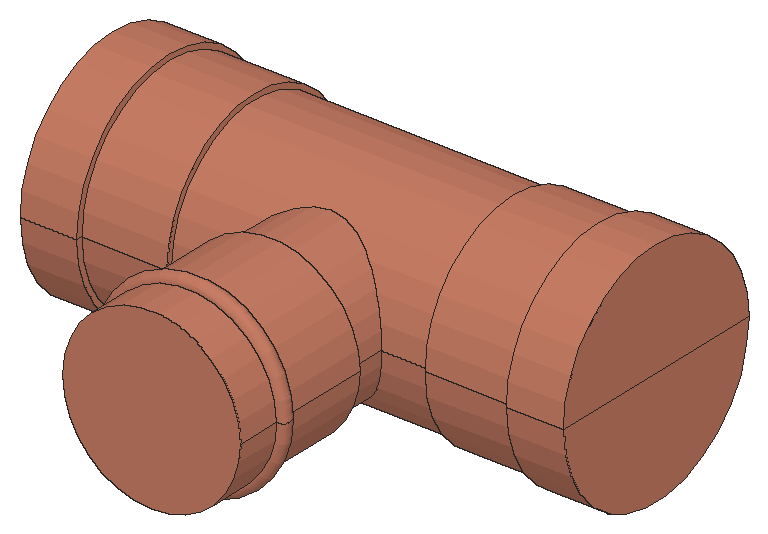
Revit family "ReducingTee-B-PressXL-Water-Gas-Conex-65-100mm", category Pipe Fittings, Revit 2019
Family settings
  Round Connector Dimension = Use Diameter
  Part Type = Tee
  OmniClass Number = 23.60.30.11.14
  OmniClass Title = Pipework Fittings
  Work Plane-Based = No
  Always vertical = Yes
  Cut with Voids When Loaded = No
  Shared = No
Parameters (values of type "Gas")
  Z2 [instance] = size_lookup(Lookup Table Name, "Z2", RunDiameter * 1.1, RunDiameter, BranchDiameter, WorkingFluidSelector_Validation)  # 40 mm
  Z1 [instance] = size_lookup(Lookup Table Name, "Z1", RunDiameter * 1.1, RunDiameter, BranchDiameter, WorkingFluidSelector_Validation)  # 40 mm
  WorkingFluidSelector_Validation [instance] = 1
  WorkingFluidSelector [instance] = WorkingFluidSelector_Validation  # 1
  WorkingFluid [instance] = if(WorkingFluidSelector = 1, "Gas", if(WorkingFluidSelector = 2, "Water", "WorkingFluid NA"))  # "Gas"
  Uniformat IIElements = "TBC"
  URL = "http://www.conexbanninger.com.au/products/b-press-fittings#t=b-press-xl"
  Type Comments = "TBC"
  SerialNumber [instance] = ""
  SealRingLength_Run [instance] = (L1 - Z1) * 0.4  # 17.6 mm
  RingThickness [instance] = if(RunDiameter > 50 mm, 5 mm, 2.5 mm)  # 5 mm
  RingAlignment [instance] = FittingOutsideDiameter_Branch / 2  # 27.5 mm
  ProductCode [instance] = if(and(RunDiameter = 65 mm, BranchDiameter = 50 mm, WorkingFluidSelector = 1), "404876", if(and(RunDiameter = 80 mm, BranchDiameter = 50 mm, WorkingFluidSelector = 1), "404877", if(and(RunDiameter = 80 mm, BranchDiameter = 65 mm, WorkingFluidSelector = 1), "404878", if(and(RunDiameter = 100 mm, BranchDiameter = 50 mm, WorkingFluidSelector = 1), "404879", if(and(RunDiameter = 100 mm, BranchDiameter = 65 mm, WorkingFluidSelector = 1), "404880", if(and(RunDiameter = 100 mm, BranchDiameter = 80 mm, WorkingFluidSelector = 1), "404881", if(and(RunDiameter = 65 mm, BranchDiameter = 50 mm, WorkingFluidSelector = 2), "404802", if(and(RunDiameter = 80 mm, BranchDiameter = 50 mm, WorkingFluidSelector = 2), "404803", if(and(RunDiameter = 80 mm, BranchDiameter = 65 mm, WorkingFluidSelector = 2), "404804", if(and(RunDiameter = 100 mm, BranchDiameter = 50 mm, WorkingFluidSelector = 2), "404805", if(and(RunDiameter = 100 mm, BranchDiameter = 65 mm, WorkingFluidSelector = 2), "404806", if(and(RunDiameter = 100 mm, BranchDiameter = 80 mm, WorkingFluidSelector = 2), "404807", "ProductCode NA"))))))))))))  # "404876"
  OmniclassProducts = "TBC"
  NATSPECWorkSection = "TBC"
  Model Version = "2015"
  Model Status [instance] = ""
  Model Specification = "BMA"
  Mark [instance] = ""
  Loss Method = Not Defined
  L1 [instance] = size_lookup(Lookup Table Name, "L1", RunDiameter * 2, RunDiameter, BranchDiameter, WorkingFluidSelector_Validation)  # 84 mm
  K Coefficient Table = "Converging/Diverging Tee/Wye"
  FinalHHWFlow [instance] = 0.0 L/s
  ConnectorTolerance [instance] = 2.00°
  BranchOuterDiameter [instance] = BranchDiameter * 1.1  # 55 mm
  BranchDiameter [instance] = 50 mm
  RunDiameter [instance] = 65 mm
  ModifiedIssue_ANZRS = 20161222.54  # constant formula
  Model = "ReducingTee"  # constant formula
  Material = Copper
  Manufacturer = "Conex | Bänninger"  # constant formula
  Lookup Table Name = "ReducingTee-B-PressXL-Water-Gas-Conex-65-100mm"
  RingLength_Branch [instance] = SocketDepth_Branch * 0.3  # 13.8 mm
  SocketDepth_Branch [instance] = L3 - Z3  # 46 mm
  L3 [instance] = size_lookup(Lookup Table Name, "L3", RunDiameter * 2, RunDiameter, BranchDiameter, WorkingFluidSelector_Validation)  # 90 mm
  built-in parameter 1114238 [instance] = not(0 mm < size_lookup(Lookup Table Name, "L1", 0 mm, RunDiameter, BranchDiameter, WorkingFluidSelector_Validation))  # (empty or 0)
  FittingOutsideDiameter_Branch [instance] = BranchDiameter * 1.1  # 55 mm
  FittingOutsideDiameter_Run [instance] = RunDiameter * 1.1  # 71.5 mm
  Description = ">B< Press XL has only two internal parts, the grip ring and the seal. Both parts have an internal diameter larger than the tube, which allows for easy tube insertion and pre press leak indication."  # constant formula
  CustomFitting [instance] = not(0 mm < size_lookup(Lookup Table Name, "L1", 0 mm, RunDiameter, BranchDiameter, WorkingFluidSelector_Validation))  # no
  CreatedByURL_ANZRS = "http://www.bimmepaus.com.au/"
  CreatedBy = "A2K Technologies"  # constant formula
  Assembly Code = "D2090800"
  ConnectorAngle [instance] = 90.00°
  Z3 [instance] = size_lookup(Lookup Table Name, "Z3", RunDiameter * 1.1, RunDiameter, BranchDiameter, WorkingFluidSelector_Validation)  # 44 mm
  Angle [instance] = if(and(ConnectorAngle < 90.00° + ConnectorTolerance, ConnectorAngle > 90.00° - ConnectorTolerance), 90.00°, ConnectorAngle)  # 90.00°
Types (3, lengths in mm): name | WorkingFluidSelector_Validation | WorkingFluidSelector | WorkingFluid | ProductCode
  (no name) | 1 | 1 | "Gas" | "404876"
  Gas | 1 | 1 | "Gas" | "404876"
  Water | 2 | 2 | "Water" | "404802"
Reference planes
  plane 1 "Center (Front/Back)": y = 0
  plane 2: z = 0
  plane 3 "Center (Left/Right)": x = 0
  plane 4: x = -84
  plane 5: x = 84
  plane 6: y = -32.5
  plane 7: y = 32.5
  plane 8: x = 0
  plane 9: y = 35.75
  plane 10: y = -35.75
  plane 11: x = -40
  plane 12: x = 40
Forms (mm)
  Sweep 1, solid, material "Copper" <- "Material", detail levels fine
    path origin (0, 0, 0) x (1, 0, 0) y (0, 1, 0)
      loop
        line (-40, 0) -> (40, 0)
    profile origin (0, 0, 0) x (0, 1, 0) y (0, 0, 1)
      loop
        circle (0, 0) r 32.5
  Revolve 2, solid, material "Copper" <- "Material", detail levels fine
    sketch origin (0, 0, 0) x (1, 0, 0) y (0, 1, 0)
      loop
        line (-84, 0) -> (-40, 0) -> (-40, 34.125) -> (-66.4, 34.125) -> (-66.4, 35.75) -> (-84, 35.75) -> (-84, 0)
      axis (-84, 0) -> (-40, 0)
    angle from 0 to 360
  Revolve 3, solid, material "Copper" <- "Material", detail levels fine
    sketch origin (0, 0, 0) x (-1, 0, 0) y (0, 1, 0)
      loop
        line (-84, 0) -> (-40, 0) -> (-40, 34.125) -> (-66.4, 34.125) -> (-66.4, 35.75) -> (-84, 35.75) -> (-84, 0)
      axis (-84, 0) -> (-40, 0)
    angle from 0 to 360
  Sweep 4, solid, material "Copper" <- "Material", detail levels fine
    path origin (0, 0, 0) x (1, 0, 0) y (0, 1, 0)
      loop
        line (0, 0) -> (0, -44)
    profile origin (0, -22, 0) x (1, 0, 0) y (0, 0, 1)
      loop
        circle (0, 0) r 25
  Sweep 5, solid, material "Copper" <- "Material", detail levels fine
    path origin (0, 0, 0) x (1, 0, 0) y (0, 1, 0)
      loop
        line (0, -44) -> (0, -76.2)
    profile origin (0, -60.1, 0) x (1, 0, 0) y (0, 0, 1)
      loop
        circle (0, 0) r 27.5
  Sweep 6, solid, material "Copper" <- "Material", detail levels fine
    path origin (0, 0, 0) x (1, 0, 0) y (0, 1, 0)
      loop
        line (0, -90) -> (0, -76.2)
    profile origin (0, -83.1, 0) x (-1, 0, 0) y (0, 0, 1)
      loop
        circle (0, 0) r 27.5
  Revolve 7, solid, material "Copper" <- "Material", detail levels fine
    sketch origin (0, 0, 0) x (1, 0, 0) y (0, 1, 0)
      loop
        line (0, -71.2) -> (-27.5, -71.2)
        arc (-27.5, -71.2) -> (-30, -73.7) -> (-27.5, -76.2) r 2.5
        line (-27.5, -76.2) -> (0, -76.2) -> (0, -71.2)
      axis (0, -76.2) -> (0, -71.2)
    angle from 0 to 360
Cuts and joins
  joined: Sweep 1, Revolve 2, Revolve 3
  joined: Sweep 5, Sweep 6, Revolve 7
Lines and regions (mm)
  reference lines
    curve 1: line (0, 0, 0) -> (0, -90, 0)
    curve 13: line (-15.321, -90, 0) -> (15.321, -90, 0)
  model lines, detail levels coarse+medium
    curve 2: line (-40, 0, 0) -> (40, 0, 0)
    curve 3: line (40, 32.5, 0) -> (84, 32.5, 0)
    curve 4: line (40, -32.5, 0) -> (40, 32.5, 0)
    curve 5: line (84, -32.5, 0) -> (40, -32.5, 0)
    curve 6: line (-84, 32.5, 0) -> (-40, 32.5, 0)
    curve 7: line (-40, -32.5, 0) -> (-84, -32.5, 0)
    curve 8: line (-40, 32.5, 0) -> (-40, -32.5, 0)
    curve 9: line (0, 0, 0) -> (0, -44, 0)
    curve 10: line (-25, -44, 0) -> (25, -44, 0)
    curve 11: line (-25, -44, 0) -> (-25, -90, 0)
    curve 12: line (25, -44, 0) -> (25, -90, 0)
Dimensions and locks
  equal spacing: plane 4, plane 3 "Center (Left/Right)", plane 5
  equal spacing: plane 6, plane 1 "Center (Front/Back)", plane 7
  "RunDiameter": plane 6 to plane 7
  "L3": curve 1 to curve 13
  locked: plane 1 "Center (Front/Back)" to curve 1 at 0
  locked: curve 1 to plane 8 at 0
  "Z3": curve 10 to curve 9
  "SocketDepth_Branch": curve 11 to curve 11
  "SocketDepth_Branch": curve 12 to curve 12
  equal spacing: curve 11, curve 1, curve 12
  "BranchDiameter": curve 11 to curve 12
  equal spacing: curve 13, curve 1, curve 13, locked at 15.321 each
  "SocketDepth_Branch": curve 13 to curve 10
  "SocketDepth_Branch": curve 13 to Sweep 4 sketch curve
  "RingLength_Branch": curve 13 to Sweep 5 sketch curve
  equal spacing: plane 4, plane 8, plane 5
  "Z1": plane 11 to plane 8
  "Z2": plane 8 to plane 12
  "FittingOutsideDiameter_Run": plane 10 to plane 9
  equal spacing: plane 10, plane 1 "Center (Front/Back)", plane 9
  equal spacing: plane 7, Revolve 2 sketch curve, plane 9
  "SealRingLength_Run": plane 4 to Revolve 2 sketch curve
  equal spacing: plane 7, Revolve 3 sketch curve, plane 9
  "SealRingLength_Run": Revolve 3 sketch curve to plane 5
  "L1": plane 4 to plane 8
  "RingLength_Branch": curve 13 to Revolve 7 sketch curve
  "RingThickness": Revolve 7 sketch curve to Revolve 7 sketch curve
  "RingAlignment": Revolve 7 sketch curve to plane 8
  "RunDiameter": diameter of Sweep 1 sketch curve
  "BranchDiameter": diameter of Sweep 4 sketch curve
  "BranchOuterDiameter": diameter of Sweep 5 sketch curve
  "FittingOutsideDiameter_Branch": diameter of Sweep 6 sketch curve
  "RingThickness": diameter of Revolve 7 sketch curve
  "ConnectorAngle": angle curve 10 to plane 8
  locked: curve 1 to curve 13 (angle 90.00°)
  aligned and locked: level to plane 2
  aligned and locked: plane 1 "Center (Front/Back)" to Sweep 1 sketch curve
  aligned and locked: plane 9 to Revolve 2 sketch curve
  aligned and locked: plane 4 to Revolve 2 sketch curve
  aligned and locked: plane 11 to Revolve 2 sketch curve
  aligned and locked: Revolve 3 sketch curve to plane 9
  aligned and locked: plane 12 to Sweep 1 sketch curve
  aligned and locked: Sweep 4 sketch curve to curve 1
  aligned and locked: Revolve 3 sketch curve to plane 1 "Center (Front/Back)"  (x2)
  aligned and locked: plane 1 "Center (Front/Back)" to Revolve 2 sketch curve  (x2)
  aligned and locked: curve 8 to plane 11
  aligned and locked: curve 10 to Sweep 5 sketch curve
  aligned and locked: curve 1 to Sweep 5 sketch curve
  aligned and locked: Sweep 6 sketch curve to curve 1
  aligned and locked: curve 13 to Sweep 6 sketch curve
  aligned and locked: Sweep 5 to Sweep 6 sketch curve
  aligned and locked: curve 9 to plane 8
  aligned and locked: cut or joined group of Sweep 1, Revolve 2, Revolve 3 to plane 11
  aligned and locked: plane 11 to Sweep 1 sketch curve
  aligned and locked: plane 12 to Revolve 3 sketch curve
  aligned and locked: plane 5 to Revolve 3 sketch curve
  aligned and locked: plane 8 to Sweep 5 sketch curve
  aligned and locked: level to Sweep 5 sketch curve
  aligned and locked: plane 8 to Sweep 6 sketch curve
  aligned and locked: level to Sweep 6 sketch curve
  aligned and locked: plane 8 to Revolve 7 sketch curve
  aligned and locked: plane 3 "Center (Left/Right)" to Revolve 7 sketch curve
Automatic sketch dimensions
  Sweep 1 sketch curve to level = 0 mm
  Sweep 1 sketch curve to profile plane = 0 mm
  Revolve 2 sketch curve to plane 4 = 0 mm
  Revolve 2 sketch curve to plane 11 = 0 mm
  Revolve 3 sketch curve to plane 5 = 0 mm
  Revolve 3 sketch curve to plane 12 = 0 mm
  plane 1 "Center (Front/Back)" to Sweep 4 sketch curve = 0 mm
  Sweep 4 sketch curve to level = 0 mm
  profile plane to Sweep 4 sketch curve = 0 mm
  Revolve 7 sketch curve to Revolve 7 sketch curve = 18.75 mm
  plane 10 to Revolve 7 sketch curve = 12.65 mm
  curve 6 to plane 4 = 0 mm
  curve 7 to plane 4 = 0 mm
  plane 7 to curve 3 = 0 mm
  curve 3 to plane 12 = 0 mm
  curve 5 to plane 5 = 0 mm
  curve 3 to plane 5 = 0 mm
  plane 6 to curve 4 = 0 mm
  plane 6 to curve 7 = 0 mm
  plane 7 to curve 6 = 0 mm
Connectors
  piping at (-40, 0, 0), diameter 65, driven by "RunDiameter"
    settings: on cut or joined group of Sweep 1, Revolve 2, Revolve 3, index 1, connector inside diameter 609.6 mm, connector length 0 mm, flow factor 0, pipe flow 0.0 L/s, pressure drop 0.0 Pa, fitting loss kfactor 0, connector angle 0.00°, fixture units 0, engagement length 0 mm, angle of deflection 0.00°, flow configuration 0, flow direction 0, fitting loss method 0, system type 28, joint type 0, gender type 0, connector reference index 2, connector utility 0, adjustable connector yes, is connector primary yes, connector description ""
  piping at (40, 0, 0), diameter 65, driven by "RunDiameter"
    settings: on cut or joined group of Sweep 1, Revolve 2, Revolve 3, index 2, connector inside diameter 609.6 mm, connector length 0 mm, flow factor 0, pipe flow 0.0 L/s, pressure drop 0.0 Pa, fitting loss kfactor 0, connector angle 0.00°, fixture units 0, engagement length 0 mm, angle of deflection 0.00°, flow configuration 0, flow direction 0, fitting loss method 0, system type 28, joint type 0, gender type 0, connector reference index 1, connector utility 0, adjustable connector yes, is connector primary no, connector description ""
  piping at (0, -44, 0), diameter 50, driven by "Angle", driven by "BranchDiameter"
    settings: on Sweep 4, index 3, connector inside diameter 609.6 mm, connector length 0 mm, flow factor 0, pipe flow 0.0 L/s, pressure drop 0.0 Pa, fitting loss kfactor 0, connector angle 90.00°, fixture units 0, engagement length 0 mm, angle of deflection 0.00°, flow configuration 0, flow direction 0, fitting loss method 0, system type 28, joint type 0, gender type 0, connector reference index -1, connector utility 0, adjustable connector yes, is connector primary no, connector description ""
